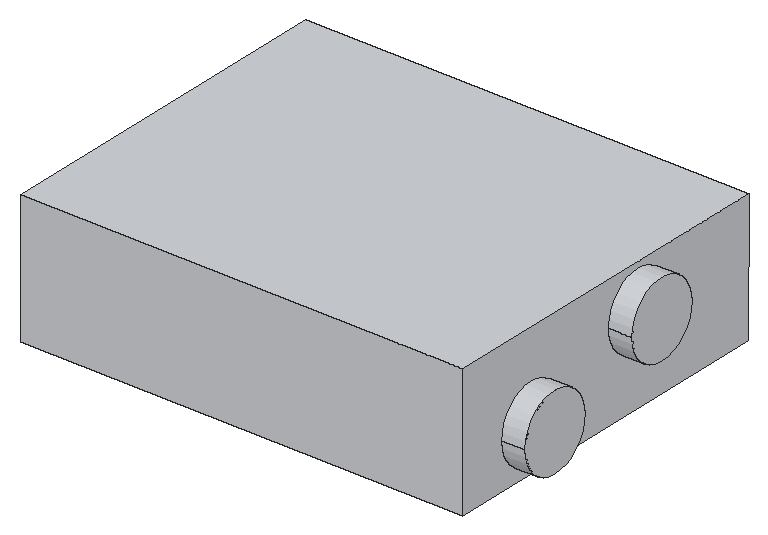
Revit family "SENTINEL KINETIC 300ZH BIM", category Mechanical Equipment, Revit 2013
Parameters
  Unit width [instance] = 722 mm
  Unit length [instance] = 891 mm
  Unit hight [instance] = 295 mm
  Part No. = "449536"
Reference planes
  plane 1 "Center (Front/Back)": y = 0
  plane 2: z = 0
  plane 3 "Center (Left/Right)": x = 0
  plane 4: x = -445.127
  plane 5: x = 445.873
  plane 6: y = -360.947
  plane 7: y = 361.053
  plane 8: z = 295
Forms (mm)
  Extrusion 1, solid
    sketch origin (0, 0, -26.638) x (-1, 0, 0) y (0, -1, 0)
      loop
        line (443.063, 358.04) -> (-445.325, 358.04) -> (-445.325, -359.143) -> (443.063, -359.143) -> (443.063, 358.04)
    from 41.677 to 306.171
  Extrusion 2, solid
    sketch origin (-255, 0, 0) x (0, -1, 0) y (0, 0, 1)
      loop
        circle (-81.414, 192.405) r 75
    from -748.596 to -674.1
  Extrusion 3, solid
    sketch origin (-255, 95.25, -85.224) x (0, -1, 0) y (0, 0, 1)
      loop
        circle (-81.414, 192.405) r 75
    from 164.1 to 238.596
  Extrusion 4, solid
    sketch origin (-255, -268.104, -85.224) x (0, -1, 0) y (0, 0, 1)
      loop
        circle (-81.414, 192.405) r 75
    from -748.596 to -674.1
  Extrusion 5, solid
    sketch origin (-255, -262.934, -85.224) x (0, -1, 0) y (0, 0, 1)
      loop
        circle (-81.414, 192.405) r 75
    from 164.1 to 238.576
Cuts and joins
  joined: Extrusion 1, Extrusion 2, Extrusion 3, Extrusion 4, Extrusion 5
Dimensions and locks
  "Unit length": plane 4 to plane 5
  "Unit width": plane 7 to plane 6
  "Unit hight": plane 8 to level
  aligned and locked: Extrusion 4 to import instance
  aligned and locked: import instance to Extrusion 4
Automatic sketch dimensions
  plane 5 to Extrusion 1 sketch curve = 0.548 mm
  Extrusion 1 sketch curve to plane 4 = 2.064 mm
  Extrusion 1 sketch curve to plane 1 "Center (Front/Back)" = 359.143 mm
  plane 1 "Center (Front/Back)" to Extrusion 1 sketch curve = 358.04 mm
  Extrusion 2 sketch curve to plane 1 "Center (Front/Back)" = 81.414 mm
  level to Extrusion 2 sketch curve = 192.405 mm
  Extrusion 3 sketch curve to plane 1 "Center (Front/Back)" = 176.664 mm
  level to Extrusion 3 sketch curve = 107.181 mm
  plane 1 "Center (Front/Back)" to Extrusion 4 sketch curve = 186.69 mm
  level to Extrusion 4 sketch curve = 107.181 mm
  plane 1 "Center (Front/Back)" to Extrusion 5 sketch curve = 181.521 mm
  level to Extrusion 5 sketch curve = 107.181 mm
  radius of Extrusion 2 sketch curve = 75 mm
  radius of Extrusion 3 sketch curve = 75 mm
  radius of Extrusion 4 sketch curve = 75 mm
  radius of Extrusion 5 sketch curve = 75 mm
Connectors
  hvac at (493.596, -186.69, 107.181)
    settings: on Extrusion 4, index 1, duct flow 0.0 L/s, flow factor 0, pres drop 0.0 Pa, loss coef 0, conn angle 0.00°, conn width 304.8 mm, conn height 304.8 mm, conn radius 75 mm, duct sys type 1, conn prof type 0, flow config 0, flow direction 0, loss method 0, conn ref index -1, conn util no, is conn primary yes, conn desc ""
  hvac at (493.596, 81.414, 192.405)
    settings: on Extrusion 2, index 2, duct flow 0.0 L/s, flow factor 0, pres drop 0.0 Pa, loss coef 0, conn angle 0.00°, conn width 304.8 mm, conn height 304.8 mm, conn radius 75 mm, duct sys type 1, conn prof type 0, flow config 0, flow direction 0, loss method 0, conn ref index -1, conn util no, is conn primary no, conn desc ""
  hvac at (-493.596, 176.664, 107.181)
    settings: on import instance, index 3, duct flow 0.0 L/s, flow factor 0, pres drop 0.0 Pa, loss coef 0, conn angle 0.00°, conn width 304.8 mm, conn height 304.8 mm, conn radius 75 mm, duct sys type 1, conn prof type 0, flow config 0, flow direction 0, loss method 0, conn ref index -1, conn util no, is conn primary no, conn desc ""
  hvac at (-493.576, -181.521, 107.181)
    settings: on Extrusion 5, index 4, duct flow 0.0 L/s, flow factor 0, pres drop 0.0 Pa, loss coef 0, conn angle 0.00°, conn width 304.8 mm, conn height 304.8 mm, conn radius 75 mm, duct sys type 1, conn prof type 0, flow config 0, flow direction 0, loss method 0, conn ref index -1, conn util no, is conn primary no, conn desc ""
